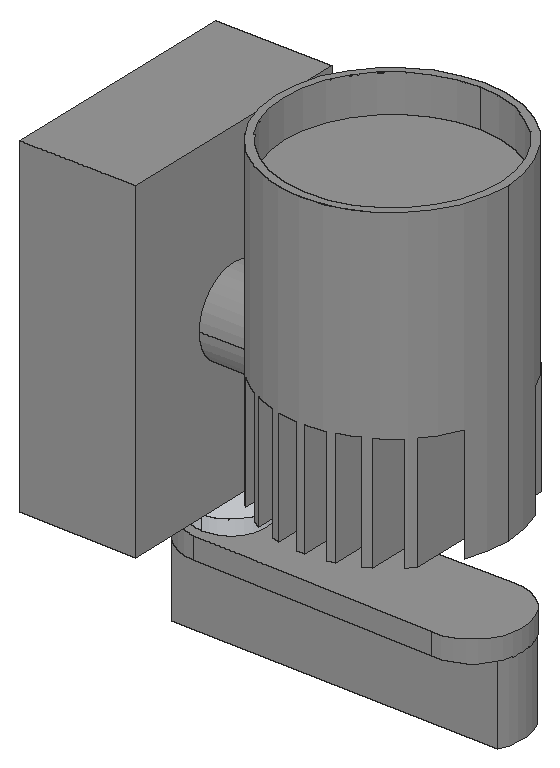
Revit family "2059797 Sylvania Lighting Fixture BEACON MUSE Xicato 3K O B DIM LS3 White", category Lighting Fixtures, host Face, Revit 2016
Family settings
  Host = Face
  Part Type = Normal
  Round Connector Dimension = Use Diameter
  OmniClass Number = 23.80.70.00
  OmniClass Title = Lighting
  Cut with Voids When Loaded = No
  Light Source = Yes
  Shared = No
  Room Calculation Point = No
Parameters (values of type "2059797 BEACON MUSE XICATO 3K O/B DIM LS3 WHT")
  head from driver = 52 mm
  driver head distance = 15 mm
  ceiling drop = 180 mm
  Weight = "n/a"
  Wattage Comments = ""
  Wattage = 0 W
  WarrantyStartDate [instance] = "n/a"
  WarrantyGuarantorParts = ""
  WarrantyDurationUnit = "http://www.sylvania-lighting.com"
  WarrantyDurationParts = "n/a"
  WarrantyDescription = "0.95"
  built-in parameter 1150110 = 1 (stored number, unit not read)
  Voltage = 0 V
  URL = "\\\\svlondc02\\data\\R&D_Fixtures_General\\Dialux Admin\\Michael H\\Bim\\All ranges Feilo\\not Completed\\Beacon Xicato\\Beacon Muse Xicato\\2059797.ies"
  TypeName = "BEACON MUSE Xicato 3K O/B DIM LS3 White"
  Type Image = <None>
  Type Comments = "n/a"
  built-in parameter 1114217 = 1 (stored number, unit not read)
  Tilt Angle = 90.00°
  built-in parameter 1150109 = 1 (stored number, unit not read)
  built-in parameter 1150134 = 3
  built-in parameter 1150113 = 1 (stored number, unit not read)
  SerialNumber [instance] = "n/a"
  Photometric Web File = "2059797.ies"
  Material_3_FEILO = none
  PowerFactor = 0
  PowerConsumption = "0"
  NominalLength = 0 mm
  NominalHeight = 0 mm
  NominalDepth = 0 mm
  Name = "BEACON MUSE Xicato 3K O/B DIM LS3 White"
  ModelReference = Name  # "BEACON MUSE Xicato 3K O/B DIM LS3 White"
  ModelNumber = "2059797"
  Model = Name  # "BEACON MUSE Xicato 3K O/B DIM LS3 White"
  Material = ""
  ManufacturerName = ""
  Manufacturer = ""
  LuminousEfficacy = "100"
  built-in parameter 1150105 = (empty or 0)
  Lumens = 0 lm
  LuminaireType = "338/598 lm"
  built-in parameter 1150115 = 1 (stored number, unit not read)
  Lighting Material = none
  LightOutputRatio = "3"
  built-in parameter 1150137 = (empty or 0)
  built-in parameter 1150139 = (empty or 0)
  Light = none
  LampsType = Lamp  # "n/a"
  LampNominalLuminous = "LED"
  LampMacAdamStep = "16500"
  LampColourTemperature = "n/a"
  LampColourRenderingIndex = "n/a"
  built-in parameter 1150112 = 1 (stored number, unit not read)
  built-in parameter 1150114 = 1 (stored number, unit not read)
  Lamp = "n/a"
  Keynote = "0"
  InstallationDate [instance] = "n/a"
  InputVoltage = "IP20"
  InputNominalFrequency = "IK02"
  built-in parameter 1150132 = (empty or 0)
  built-in parameter 1150102 = (empty or 0)
  built-in parameter 1150107 = 3200 (stored number, unit not read)
  built-in parameter 1150138 = (empty or 0)
  IngressProtection = ""
  ImpactProtectionIndex = "Class II"
  built-in parameter 1150106 = (empty or 0)
  IfcExportType = "IfcLightFixtureType"
  IfcExportAs = "30"
  Head Length [instance] = 142 mm
  ExpectedLife = 50000
  Emit from Circle Diameter = 609.6 mm
  Emit Shape Visible in Rendering = no
  ElectricShockClassification = ""
  built-in parameter 1150104 = 13.8 (stored number, unit not read)
  DurationUnit = "hours"
  Driver Width = 85 mm
  DocumentationLiterature = "http://www.sylvania-lighting.com/product/en-int/products/2059797"
  DimmingControlOptions = "n/a"
  Material_2_FEILO = none
  Dimming Lamp Color Temperature Shift = <None>
  Diameter = 80 mm
  Description = "Integrated LED spotlight with Xicato Artist LED Module, white RAL 9016, unique soft-touch ring, adjustable beam angle from a 8° spot to a 55° flood, compact and minimalist design, ideal for museum, gallery and high-end retail applications, die-cast aluminium body, passive cooling heatsink, beam angle: 8° spot to 52° flood, optics: aspheric glass lens, colour temperature: 3000K warm white, total system power: 20W, total fixture output: 338/598lm, luminaire efficacy: 30lm/W, LOR: 100%, colour rendering: Ra 97 typical, LED Chromacity: 3 step MacAdam ellipse, lifetime: >50,000 hours at L70B50, energy class: A++, A+, A, IR/UV free light source without heat radiation, operating voltage: 220-240V / 50-60Hz, drive current: 700mA, electronic driver, dimmable via on-board potentiometer, power factor: 0.9 electrical protection: CLASS II, 3-circuit track adaptor, suitable for Concord Lytespan 3 track, ingress protection rating: IP20, suitable for internal environment only, horizontal rotation: 355°, vertical tilt: 90°, dimensions: Ø80x135x176mm, weight: 0.95kg"
  Default Elevation = 115 mm
  CreatedOn = "02/07/2019"
  CreatedBy = "@sylvania-lighting.com"
  Cost = 0
  Color Filter = 16777215
  built-in parameter 1114216 [instance] = (empty or 0)
  ClassificationValue = "EF_70_80"
  ClassificationName = "Uniclass2015"
  Material_1_FEILO = none
  BarCode [instance] = "n/a"
  built-in parameter 1114218 = 1 (stored number, unit not read)
  built-in parameter 1150133 = 10 (stored number, unit not read)
  AssetType = "Fixed"
  AssetIdentifier [instance] = "n/a"
  Assembly Code = "D5020200"
  Apparent Load = 20 VA
  Material_4_FEILO = none
  Adaptor Width = 34.952 mm
  Adaptor Pivot = 24.952 mm
  Adaptor Inside Width = 16.53 mm
Reference planes
  plane 1 "Center (Front/Back)": y = 0
  plane 2: z = 0
  plane 3 "Center (Left/Right)": x = 0
  plane 4: y = 40
  plane 5: y = -40
  plane 6: x = -40
  plane 7: x = 40
  plane 8: z = 148
  plane 9: z = -14
  plane 10: x = -72.5
  plane 11: x = -112.5
  plane 12: z = 76
  plane 13: y = 42.5
  plane 14: y = -42.5
  plane 15: y = 17.476
  plane 16: y = -17.476
  plane 17: y = 12.476
  plane 18: y = -12.476
  plane 19: y = 8.265
  plane 20: y = -8.265
  plane 21: z = 5.5
  plane 22: z = 38
  plane 23: x = 35
  plane 24: x = 28
  plane 25: x = 25.5
  plane 26: x = 18.5
  plane 27: x = 16
  plane 28: x = 9
  plane 29: x = 6.5
  plane 30: x = -0.5
  plane 31: x = -3
  plane 32: x = -10
  plane 33: x = -12.5
  plane 34: x = -19.5
  plane 35: x = -22
  plane 36: x = -29
  plane 37: x = -31.5
  plane 38: x = -38.5
Forms (mm)
  Extrusion 1, solid, material "Aluminum", detail levels medium+fine
    sketch origin (0, 0, 0) x (1, 0, 0) y (0, 1, 0)
      loop
        circle (0, 0) r 40
    from 38 to 148
  Extrusion 2, solid, material "Aluminum", detail levels medium+fine
    sketch origin (17.5, 0, 0) x (1, 0, 0) y (0, 1, 0)
      loop
        line (-112.5, 42.5) -> (-112.5, -42.16) -> (-72.5, -42.16) -> (-72.5, 42.5) -> (-112.5, 42.5)
    from 18 to 133
  Extrusion 3, solid, material "Aluminum"
    sketch origin (336.5, 1524, 1219.2) x (0, 1, 0) y (0, 0, 1)
      loop
        circle (-1524, -1143.2) r 15
    from -391.5 to -373.374
  Extrusion 4, solid, detail levels fine
    sketch origin (16.702, -15.316, 18) x (0, 1, 0) y (1, 0, 0)
      loop
        circle (15.34, -72.5) r 12.5
    from 0 to 5
  Extrusion 5, solid, material "Aluminum", detail levels fine
    sketch origin (15.705, -27.856, 13) x (-1, 0, 0) y (0, 1, 0)
      loop
        arc (-11.998, 45.379) -> (-29.497, 27.722) -> (-11.683, 10.382) r 17.5
        line (-11.683, 10.382) -> (71.502, 11.879)
        arc (71.502, 11.879) -> (87.502, 27.879) -> (71.502, 43.879) r 16
        line (71.502, 43.879) -> (-11.998, 45.379)
    from 0 to 7.5
  Extrusion 6, void
    sketch origin (0, 0, 148) x (0, 1, 0) y (1, 0, 0)
      loop
        circle (0, 0) r 37.5
    from 0 to 15
  Extrusion 7, solid, material "Aluminum", detail levels fine
    sketch origin (17.5, 0, 0) x (1, 0, 0) y (0, 1, 0)
      loop
        arc (-87.012, 8.265) -> (-89.298, 0) -> (-87.012, -8.265) r 16.086
        line (-87.012, -8.265) -> (25.615, -8.265)
        arc (25.615, -8.265) -> (27.702, 0) -> (25.615, 8.265) r 17.405
        line (25.615, 8.265) -> (-87.012, 8.265)
    from -21.5 to 5.5
  Extrusion 8, solid, not visible
    sketch origin (0, 0, 0) x (1, 0, 0) y (0, 1, 0)
      loop
        circle (0, 0) r 57.5
    from 48 to 180
  Extrusion 9, void, not visible
    sketch origin (0, 0, 48) x (1, 0, 0) y (0, 1, 0)
      loop
        line (43.7, -85.519) -> (53.7, -85.519) -> (53.7, 68.594) -> (43.7, 68.594) -> (43.7, -85.519)
      loop
        line (39.9, -85.519) -> (39.9, 68.594) -> (29.9, 68.594) -> (29.9, -85.519) -> (39.9, -85.519)
      loop
        line (26.1, -85.519) -> (26.1, 68.594) -> (16.1, 68.594) -> (16.1, -85.519) -> (26.1, -85.519)
      loop
        line (12.3, -85.519) -> (12.3, 68.594) -> (2.3, 68.594) -> (2.3, -85.519) -> (12.3, -85.519)
      loop
        line (-1.5, -85.519) -> (-1.5, 68.594) -> (-11.5, 68.594) -> (-11.5, -85.519) -> (-1.5, -85.519)
      loop
        line (-15.3, -85.519) -> (-15.3, 68.594) -> (-25.3, 68.594) -> (-25.3, -85.519) -> (-15.3, -85.519)
      loop
        line (-29.1, -85.519) -> (-29.1, 68.594) -> (-39.1, 68.594) -> (-39.1, -85.519) -> (-29.1, -85.519)
      loop
        line (-42.9, -85.519) -> (-42.9, 68.594) -> (-52.9, 68.594) -> (-52.9, -85.519) -> (-42.9, -85.519)
    from 0 to 60
  Extrusion 10, solid, not visible
    sketch origin (319, 1524, 1219.2) x (0, 1, 0) y (0, 0, 1)
      loop
        circle (-1524, -1143.2) r 15
    from -391.5 to -361.9
  Extrusion 11, void, not visible
    sketch origin (0, 0, 180) x (0, 1, 0) y (1, 0, 0)
      loop
        circle (0, 0) r 53
    from 0 to 15
  Extrusion 12, solid, not visible
    sketch origin (0, 0, 0) x (1, 0, 0) y (0, 1, 0)
      loop
        circle (0, 0) r 57.5
    from 48 to 180
  Extrusion 13, solid, not visible
    sketch origin (0, 0, 0) x (1, 0, 0) y (0, 1, 0)
      loop
        line (-112.5, 42.5) -> (-112.5, -42.16) -> (-72.5, -42.16) -> (-72.5, 42.5) -> (-112.5, 42.5)
    from 18 to 133
  Extrusion 14, void, not visible
    sketch origin (0, 0, 48) x (1, 0, 0) y (0, 1, 0)
      loop
        line (43.7, -85.519) -> (53.7, -85.519) -> (53.7, 68.594) -> (43.7, 68.594) -> (43.7, -85.519)
      loop
        line (39.9, -85.519) -> (39.9, 68.594) -> (29.9, 68.594) -> (29.9, -85.519) -> (39.9, -85.519)
      loop
        line (26.1, -85.519) -> (26.1, 68.594) -> (16.1, 68.594) -> (16.1, -85.519) -> (26.1, -85.519)
      loop
        line (12.3, -85.519) -> (12.3, 68.594) -> (2.3, 68.594) -> (2.3, -85.519) -> (12.3, -85.519)
      loop
        line (-1.5, -85.519) -> (-1.5, 68.594) -> (-11.5, 68.594) -> (-11.5, -85.519) -> (-1.5, -85.519)
      loop
        line (-15.3, -85.519) -> (-15.3, 68.594) -> (-25.3, 68.594) -> (-25.3, -85.519) -> (-15.3, -85.519)
      loop
        line (-29.1, -85.519) -> (-29.1, 68.594) -> (-39.1, 68.594) -> (-39.1, -85.519) -> (-29.1, -85.519)
      loop
        line (-42.9, -85.519) -> (-42.9, 68.594) -> (-52.9, 68.594) -> (-52.9, -85.519) -> (-42.9, -85.519)
    from 0 to 60
  Extrusion 15, solid, not visible
    sketch origin (319, 1524, 1219.2) x (0, 1, 0) y (0, 0, 1)
      loop
        circle (-1524, -1143.2) r 15
    from -391.5 to -361.9
  Extrusion 16, void, not visible
    sketch origin (0, 0, 180) x (0, 1, 0) y (1, 0, 0)
      loop
        circle (0, 0) r 53
    from 0 to 15
  Extrusion 17, solid, not visible
    sketch origin (0, 0, 0) x (1, 0, 0) y (0, 1, 0)
      loop
        circle (0, 0) r 57.5
    from 48 to 180
  Extrusion 18, solid, not visible
    sketch origin (0, 0, 0) x (1, 0, 0) y (0, 1, 0)
      loop
        line (-112.5, 42.5) -> (-112.5, -42.16) -> (-72.5, -42.16) -> (-72.5, 42.5) -> (-112.5, 42.5)
    from 18 to 133
  Extrusion 19, void, not visible
    sketch origin (0, 0, 48) x (1, 0, 0) y (0, 1, 0)
      loop
        line (43.7, -85.519) -> (53.7, -85.519) -> (53.7, 68.594) -> (43.7, 68.594) -> (43.7, -85.519)
      loop
        line (39.9, -85.519) -> (39.9, 68.594) -> (29.9, 68.594) -> (29.9, -85.519) -> (39.9, -85.519)
      loop
        line (26.1, -85.519) -> (26.1, 68.594) -> (16.1, 68.594) -> (16.1, -85.519) -> (26.1, -85.519)
      loop
        line (12.3, -85.519) -> (12.3, 68.594) -> (2.3, 68.594) -> (2.3, -85.519) -> (12.3, -85.519)
      loop
        line (-1.5, -85.519) -> (-1.5, 68.594) -> (-11.5, 68.594) -> (-11.5, -85.519) -> (-1.5, -85.519)
      loop
        line (-15.3, -85.519) -> (-15.3, 68.594) -> (-25.3, 68.594) -> (-25.3, -85.519) -> (-15.3, -85.519)
      loop
        line (-29.1, -85.519) -> (-29.1, 68.594) -> (-39.1, 68.594) -> (-39.1, -85.519) -> (-29.1, -85.519)
      loop
        line (-42.9, -85.519) -> (-42.9, 68.594) -> (-52.9, 68.594) -> (-52.9, -85.519) -> (-42.9, -85.519)
    from 0 to 60
  Extrusion 20, solid, not visible
    sketch origin (319, 1524, 1219.2) x (0, 1, 0) y (0, 0, 1)
      loop
        circle (-1524, -1143.2) r 15
    from -391.5 to -361.9
  Extrusion 21, solid, not visible
    sketch origin (-0.798, -15.316, 18) x (0, 1, 0) y (1, 0, 0)
      loop
        circle (15.34, -72.5) r 12.5
    from 0 to 5
  Extrusion 22, solid, not visible
    sketch origin (-1.795, -27.856, 13) x (-1, 0, 0) y (0, 1, 0)
      loop
        arc (-11.998, 45.379) -> (-29.497, 27.722) -> (-11.683, 10.382) r 17.5
        line (-11.683, 10.382) -> (71.502, 11.879)
        arc (71.502, 11.879) -> (87.502, 27.879) -> (71.502, 43.879) r 16
        line (71.502, 43.879) -> (-11.998, 45.379)
    from 0 to 7.5
  Extrusion 23, void, not visible
    sketch origin (0, 0, 180) x (0, 1, 0) y (1, 0, 0)
      loop
        circle (0, 0) r 53
    from 0 to 15
  Extrusion 24, solid, not visible
    sketch origin (0, 0, 0) x (1, 0, 0) y (0, 1, 0)
      loop
        circle (0, 0) r 57.5
    from 48 to 180
  Extrusion 25, solid, not visible
    sketch origin (0, 0, 0) x (1, 0, 0) y (0, 1, 0)
      loop
        line (-112.5, 42.5) -> (-112.5, -42.16) -> (-72.5, -42.16) -> (-72.5, 42.5) -> (-112.5, 42.5)
    from 18 to 133
  Extrusion 26, void, not visible
    sketch origin (0, 0, 48) x (1, 0, 0) y (0, 1, 0)
      loop
        line (43.7, -85.519) -> (53.7, -85.519) -> (53.7, 68.594) -> (43.7, 68.594) -> (43.7, -85.519)
      loop
        line (39.9, -85.519) -> (39.9, 68.594) -> (29.9, 68.594) -> (29.9, -85.519) -> (39.9, -85.519)
      loop
        line (26.1, -85.519) -> (26.1, 68.594) -> (16.1, 68.594) -> (16.1, -85.519) -> (26.1, -85.519)
      loop
        line (12.3, -85.519) -> (12.3, 68.594) -> (2.3, 68.594) -> (2.3, -85.519) -> (12.3, -85.519)
      loop
        line (-1.5, -85.519) -> (-1.5, 68.594) -> (-11.5, 68.594) -> (-11.5, -85.519) -> (-1.5, -85.519)
      loop
        line (-15.3, -85.519) -> (-15.3, 68.594) -> (-25.3, 68.594) -> (-25.3, -85.519) -> (-15.3, -85.519)
      loop
        line (-29.1, -85.519) -> (-29.1, 68.594) -> (-39.1, 68.594) -> (-39.1, -85.519) -> (-29.1, -85.519)
      loop
        line (-42.9, -85.519) -> (-42.9, 68.594) -> (-52.9, 68.594) -> (-52.9, -85.519) -> (-42.9, -85.519)
    from 0 to 60
  Extrusion 27, solid, not visible
    sketch origin (319, 1524, 1219.2) x (0, 1, 0) y (0, 0, 1)
      loop
        circle (-1524, -1143.2) r 15
    from -391.5 to -361.9
  Extrusion 28, solid, not visible
    sketch origin (-0.798, -15.316, 18) x (0, 1, 0) y (1, 0, 0)
      loop
        circle (15.34, -72.5) r 12.5
    from 0 to 5
  Extrusion 29, solid, not visible
    sketch origin (-1.795, -27.856, 13) x (-1, 0, 0) y (0, 1, 0)
      loop
        arc (-11.998, 45.379) -> (-29.497, 27.722) -> (-11.683, 10.382) r 17.5
        line (-11.683, 10.382) -> (71.502, 11.879)
        arc (71.502, 11.879) -> (87.502, 27.879) -> (71.502, 43.879) r 16
        line (71.502, 43.879) -> (-11.998, 45.379)
    from 0 to 7.5
  Extrusion 30, void, not visible
    sketch origin (0, 0, 180) x (0, 1, 0) y (1, 0, 0)
      loop
        circle (0, 0) r 53
    from 0 to 15
  Extrusion 31, solid, not visible
    sketch origin (0, 0, 0) x (1, 0, 0) y (0, 1, 0)
      loop
        arc (-87.012, 8.265) -> (-89.298, 0) -> (-87.012, -8.265) r 16.086
        line (-87.012, -8.265) -> (25.615, -8.265)
        arc (25.615, -8.265) -> (27.702, 0) -> (25.615, 8.265) r 17.405
        line (25.615, 8.265) -> (-87.012, 8.265)
    from -21.5 to 5.5
  Extrusion 32, solid, material "Glass, White, High Luminance", detail levels medium+fine
    sketch origin (0, 0, 133) x (0, 1, 0) y (-1, 0, 0)
      loop
        circle (0, 0) r 37.5
    from 0 to 2
  Extrusion 33, void
    sketch origin (2, 0, 38) x (1, 0, 0) y (0, 1, 0)
      loop
        line (35, 50.956) -> (28, 50.956) -> (28, -46.879) -> (35, -46.879) -> (35, 50.956)
      loop
        line (25.5, 50.956) -> (18.5, 50.956) -> (18.5, -46.879) -> (25.5, -46.879) -> (25.5, 50.956)
      loop
        line (9, 50.956) -> (9, -46.879) -> (16, -46.879) -> (16, 50.956) -> (9, 50.956)
      loop
        line (-0.316, 50.956) -> (-0.316, -46.879) -> (6.5, -46.879) -> (6.5, 50.956) -> (-0.316, 50.956)
      loop
        line (-10, 50.956) -> (-10, -46.879) -> (-3, -46.879) -> (-3, 50.956) -> (-10, 50.956)
      loop
        line (-19.5, 50.956) -> (-19.5, -46.879) -> (-12.5, -46.879) -> (-12.5, 50.956) -> (-19.5, 50.956)
      loop
        line (-29, 50.956) -> (-29, -46.879) -> (-22, -46.879) -> (-22, 50.956) -> (-29, 50.956)
      loop
        line (-38.5, 50.956) -> (-38.5, -46.879) -> (-31.5, -46.879) -> (-31.5, 50.956) -> (-38.5, 50.956)
    from 0 to 40
  Extrusion 34, solid, detail levels coarse
    sketch origin (0, 0, 148) x (1, 0, 0) y (0, 1, 0)
      loop
        line (-95, 42.5) -> (-95, -42.16) -> (45, -42.16) -> (45, 42.5) -> (-95, 42.5)
    from -169.5 to 0
Cuts and joins
  Extrusion 6, Extrusion 33 cuts Extrusion 1
Lines and regions (mm)
  reference lines
    curve 1: line (-55.798, 12.524, 13) -> (-55.798, -12.476, 13)
    curve 2: line (-43.298, -15.316, 13) -> (-68.298, -15.316, 13)
  reference lines, not visible
    curve 3: line (-73.298, 12.524, 13) -> (-73.298, -12.476, 13)
    curve 4: line (-60.798, -15.316, 13) -> (-85.798, -15.316, 13)
    curve 5: line (-73.298, 12.524, 13) -> (-73.298, -12.476, 13)
    curve 6: line (-60.798, -15.316, 13) -> (-85.798, -15.316, 13)
Dimensions and locks
  "Diameter": plane 6 to plane 7
  equal spacing: plane 6, plane 3 "Center (Left/Right)", plane 7
  "Diameter": plane 4 to plane 5
  equal spacing: plane 4, plane 1 "Center (Front/Back)", plane 5
  plane 8 to level = 148 mm
  locked: plane 8 to plane 9 at 162
  "Driver Width": plane 13 to plane 14
  equal spacing: plane 13, plane 1 "Center (Front/Back)", plane 14
  "Adaptor Width": plane 15 to plane 16
  "Adaptor Pivot": plane 17 to plane 18
  equal spacing: plane 17, plane 1 "Center (Front/Back)", plane 18
  "Adaptor Inside Width": plane 19 to plane 20
  equal spacing: plane 19, plane 1 "Center (Front/Back)", plane 20
  "head from driver": plane 22 to plane 9
  aligned and locked: plane 2 to host face
  aligned and locked: level to host face
  aligned and locked: Extrusion 1 to plane 22
Automatic sketch dimensions
  host sketch curve to host sketch curve = 2438.4 mm  (x2)
  Extrusion 5 sketch curve to Extrusion 5 sketch curve = 83.185 mm
  Extrusion 5 sketch curve to Extrusion 5 sketch curve = 0.315 mm
  Extrusion 5 sketch curve to Extrusion 5 sketch curve = 1.5 mm
  Extrusion 5 sketch curve to Extrusion 5 sketch curve = 17.5 mm
  Extrusion 7 sketch curve to Extrusion 7 sketch curve = 15.318 mm
  Extrusion 9 sketch curve to Extrusion 9 sketch curve = 10 mm  (x8)
  Extrusion 9 sketch curve to Extrusion 9 sketch curve = 3.8 mm  (x7)
  Extrusion 9 sketch curve to Extrusion 9 sketch curve = 0 mm  (x14)
  Extrusion 9 sketch curve to Extrusion 9 sketch curve = 154.113 mm
  Extrusion 2 sketch curve to Extrusion 2 sketch curve = 40 mm
  Extrusion 2 sketch curve to Extrusion 2 sketch curve = 84.66 mm
  Extrusion 14 sketch curve to Extrusion 14 sketch curve = 10 mm  (x8)
  Extrusion 14 sketch curve to Extrusion 14 sketch curve = 3.8 mm  (x7)
  Extrusion 14 sketch curve to Extrusion 14 sketch curve = 0 mm  (x14)
  Extrusion 14 sketch curve to Extrusion 14 sketch curve = 154.113 mm
  Extrusion 13 sketch curve to Extrusion 13 sketch curve = 40 mm
  Extrusion 13 sketch curve to Extrusion 13 sketch curve = 84.66 mm
  Extrusion 19 sketch curve to Extrusion 19 sketch curve = 10 mm  (x8)
  Extrusion 19 sketch curve to Extrusion 19 sketch curve = 3.8 mm  (x7)
  Extrusion 19 sketch curve to Extrusion 19 sketch curve = 0 mm  (x14)
  Extrusion 19 sketch curve to Extrusion 19 sketch curve = 154.113 mm
  Extrusion 22 sketch curve to Extrusion 22 sketch curve = 83.185 mm
  Extrusion 22 sketch curve to Extrusion 22 sketch curve = 0.315 mm
  Extrusion 22 sketch curve to Extrusion 22 sketch curve = 1.5 mm
  Extrusion 22 sketch curve to Extrusion 22 sketch curve = 17.5 mm
  Extrusion 18 sketch curve to Extrusion 18 sketch curve = 40 mm
  Extrusion 18 sketch curve to Extrusion 18 sketch curve = 84.66 mm
  Extrusion 7 sketch curve to Extrusion 7 sketch curve = 0 mm  (x2)
  Extrusion 7 sketch curve to Extrusion 7 sketch curve = 13.8 mm
  Extrusion 7 sketch curve to Extrusion 7 sketch curve = 83.509 mm
  Extrusion 7 sketch curve to Extrusion 7 sketch curve = 8.265 mm
  Extrusion 26 sketch curve to Extrusion 26 sketch curve = 10 mm  (x8)
  Extrusion 26 sketch curve to Extrusion 26 sketch curve = 3.8 mm  (x7)
  Extrusion 26 sketch curve to Extrusion 26 sketch curve = 0 mm  (x14)
  Extrusion 26 sketch curve to Extrusion 26 sketch curve = 154.113 mm
  Extrusion 29 sketch curve to Extrusion 29 sketch curve = 83.185 mm
  Extrusion 29 sketch curve to Extrusion 29 sketch curve = 0.315 mm
  Extrusion 29 sketch curve to Extrusion 29 sketch curve = 1.5 mm
  Extrusion 29 sketch curve to Extrusion 29 sketch curve = 17.5 mm
  Extrusion 31 sketch curve to Extrusion 31 sketch curve = 15.318 mm
  Extrusion 25 sketch curve to Extrusion 25 sketch curve = 40 mm
  Extrusion 25 sketch curve to Extrusion 25 sketch curve = 84.66 mm
  Extrusion 31 sketch curve to Extrusion 31 sketch curve = 0 mm  (x2)
  Extrusion 31 sketch curve to Extrusion 31 sketch curve = 13.8 mm
  Extrusion 31 sketch curve to Extrusion 31 sketch curve = 83.509 mm
  Extrusion 31 sketch curve to Extrusion 31 sketch curve = 8.265 mm
  Extrusion 7 sketch curve to plane 19 = 0 mm
  plane 10 to Extrusion 7 sketch curve = 2.988 mm
  Extrusion 2 to Extrusion 4 sketch curve = 0.798 mm
  Extrusion 2 to Extrusion 4 sketch curve = 42.184 mm
  curve 2 to curve 1 = 2.84 mm
  curve 1 to curve 1 = 25 mm
  curve 2 to curve 1 = 12.5 mm
  curve 1 to curve 2 = 12.5 mm
  plane 11 to Extrusion 2 sketch curve = 17.5 mm
  plane 13 to Extrusion 2 sketch curve = 0 mm
  plane 1 "Center (Front/Back)" to Extrusion 1 sketch curve = 0 mm
  Extrusion 1 sketch curve to plane 3 "Center (Left/Right)" = 0 mm
  Extrusion 3 sketch curve to plane 1 "Center (Front/Back)" = 0 mm
  plane 12 to Extrusion 3 sketch curve = 0 mm
  Extrusion 33 sketch curve to Extrusion 33 sketch curve = 7 mm  (x7)
  Extrusion 33 sketch curve to Extrusion 33 sketch curve = 2.5 mm  (x6)
  Extrusion 33 sketch curve to Extrusion 33 sketch curve = 2.684 mm
  Extrusion 33 sketch curve to Extrusion 33 sketch curve = 6.816 mm
  Extrusion 33 sketch curve to Extrusion 33 sketch curve = 0 mm  (x14)
  Extrusion 33 sketch curve to Extrusion 33 sketch curve = 97.836 mm
  Extrusion 34 sketch curve to Extrusion 34 sketch curve = 140 mm
  Extrusion 34 sketch curve to Extrusion 34 sketch curve = 84.66 mm
  radius of Extrusion 1 sketch curve = 40 mm
  radius of Extrusion 3 sketch curve = 15 mm
  radius of Extrusion 4 sketch curve = 12.5 mm
  radius of Extrusion 4 to Extrusion 5 sketch curve = 3.5 mm
  radius of Extrusion 6 sketch curve = 37.5 mm
  radius of Extrusion 8 sketch curve = 57.5 mm
  radius of Extrusion 10 sketch curve = 15 mm
  radius of Extrusion 11 sketch curve = 53 mm
  radius of Extrusion 12 sketch curve = 57.5 mm
  radius of Extrusion 15 sketch curve = 15 mm
  radius of Extrusion 16 sketch curve = 53 mm
  radius of Extrusion 17 sketch curve = 57.5 mm
  radius of Extrusion 20 sketch curve = 15 mm
  radius of Extrusion 21 sketch curve = 12.5 mm
  radius of Extrusion 21 to Extrusion 22 sketch curve = 3.5 mm
  radius of Extrusion 23 sketch curve = 53 mm
  radius of Extrusion 24 sketch curve = 57.5 mm
  radius of Extrusion 27 sketch curve = 15 mm
  radius of Extrusion 28 sketch curve = 12.5 mm
  radius of Extrusion 28 to Extrusion 29 sketch curve = 3.5 mm
  radius of Extrusion 30 sketch curve = 53 mm
  radius of Extrusion 32 sketch curve to Extrusion 6 = 0 mm
Connectors
  electrical at (-13.199, 0, -21.5)
    settings: on Extrusion 7, index 1, voltage 0 V, apparent load 0 VA, apparent load phase1 0 VA, apparent load phase2 0 VA, apparent load phase3 0 VA, power factor 1, load classification "Other", number of poles 1, system type 31, power factor state 1, is connector primary yes, connector utility no, sub classification motor no, connector description ""
